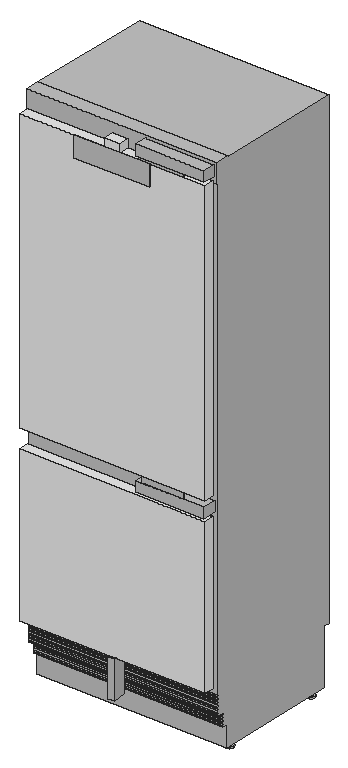
Revit family "FP-Revit18-RS7621WRUK1-FridgeFreezer-0-AS-AU-CN-EU-IE-NZ-SG-UK-90001120A", category Specialty Equipment, Revit 2020 (continued)
Definition of nested family "Handle Contemporary Square - Horizontal"
  Parameters (values of type "AHD3RD7621W - Contemporary square handle (2 of 2) (Horizontal) 646mm")
    URL = "www.fisherpaykel.com"
    Material - Handle = none
    Manufacturer = "Fisher & Paykel Appliances"
    Handle - Length = 646 mm
    Default Elevation = 0 mm
  Types (7, lengths in mm): name | Handle - Length
    (no name) | 646
    AHD3RD2484W - Contemporary square handle (2 of 2) (Horizontal) 494mm | 494
    AHD3RD3084W - Contemporary square handle (2 of 2) (Horizontal) 646mm | 646
    AHD3RS3272A - Contemporary square handle (2 of 2) (Horizontal) 646mm | 646
    AHD3RS80A - Contemporary square handle (2 of 2) (Horizontal) 646mm | 646
    AHD3RD6121W - Contemporary square handle (2 of 2) (Horizontal) 494mm | 494
    AHD3RD7621W - Contemporary square handle (2 of 2) (Horizontal) 646mm | 646
  Reference planes
    plane 1 "Center (Front/Back)": y = 0
    plane 2: z = 0
    plane 3 "Center (Left/Right)": x = 0
    plane 4 "Product LHS": x = -323
    plane 5 "Product RHS": x = 323
    plane 6 "LHS Standoff": x = -202.995
    plane 7 "RHS Standoff": x = 203.005
  Forms (mm)
    Extrusion 1, solid, material <- "Material - Handle", detail levels fine
      sketch origin (0, 0, 0) x (0, 1, 0) y (0, 0, 1)
        loop
          arc (-28.701, 7.561) -> (-29.057, 7.868) -> (-29.514, 7.978) r 1
          line (-29.514, 7.978) -> (-40.5, 7.978)
          arc (-40.5, 7.978) -> (-41.561, 7.539) -> (-42, 6.478) r 1.5
          line (-42, 6.478) -> (-42, -6.522)
          arc (-42, -6.522) -> (-41.561, -7.583) -> (-40.5, -8.022) r 1.5
          line (-40.5, -8.022) -> (-29.487, -8.022)
          arc (-29.487, -8.022) -> (-29.029, -7.911) -> (-28.673, -7.602) r 1
          arc (-28.673, -7.602) -> (-26.256, -0.016) -> (-28.701, 7.561) r 13.038
      from -323 to 323
    Extrusion 2, solid, material <- "Material - Handle", detail levels fine
      sketch origin (0, 0, 0) x (0, 1, 0) y (0, 0, 1)
        loop
          arc (-28.23, 7.062) -> (-26.156, 0.008) -> (-28.198, -7.056) r 13.136
          arc (-28.198, -7.056) -> (-28.21, -7.463) -> (-27.86, -7.67) r 0.4
          line (-27.86, -7.67) -> (0, -7.67) -> (0, 7.678) -> (-27.893, 7.678)
          arc (-27.893, 7.678) -> (-28.244, 7.47) -> (-28.23, 7.062) r 0.4
      from 203.005 to 323
    Extrusion 3, solid, material <- "Material - Handle", detail levels fine
      sketch origin (0, 0, 0) x (0, 1, 0) y (0, 0, -1)
        loop
          arc (-28.23, -7.062) -> (-28.244, -7.47) -> (-27.893, -7.678) r 0.4
          line (-27.893, -7.678) -> (0, -7.678) -> (0, 7.67) -> (-27.86, 7.67)
          arc (-27.86, 7.67) -> (-28.21, 7.463) -> (-28.198, 7.056) r 0.4
          arc (-28.198, 7.056) -> (-26.156, -0.008) -> (-28.23, -7.062) r 13.136
      from 202.995 to 323
    Sweep 4, void
      path in 3D
        loop
          line (323, -29.514, 7.978) -> (323, -40.5, 7.978)
          arc (323, -40.5, 7.978) -> (323, -41.561, 7.539) -> (323, -42, 6.478) r 1.5
          line (323, -42, 6.478) -> (323, -42, -6.522)
          arc (323, -42, -6.522) -> (323, -41.561, -7.583) -> (323, -40.5, -8.022) r 1.5
          line (323, -40.5, -8.022) -> (323, -29.487, -8.022)
      profile origin (323, -35.007, 7.978) x (1, 0, 0) y (0, 0, 1)
        loop
          line (0, 0) -> (-1.3, 0) -> (0, -1.3) -> (0, 0)
    Sweep 5, void
      path in 3D
        loop
          line (-323, -29.487, -8.022) -> (-323, -40.5, -8.022)
          arc (-323, -40.5, -8.022) -> (-323, -41.561, -7.583) -> (-323, -42, -6.522) r 1.5
          line (-323, -42, -6.522) -> (-323, -42, 6.478)
          arc (-323, -42, 6.478) -> (-323, -41.561, 7.539) -> (-323, -40.5, 7.978) r 1.5
          line (-323, -40.5, 7.978) -> (-323, -29.514, 7.978)
      profile origin (-323, -35.007, 7.978) x (-1, 0, 0) y (0, 0, 1)
        loop
          line (0, 0) -> (-1.3, 0) -> (0, -1.3) -> (0, 0)
    Extrusion 6, void
      sketch origin (0, 0, 0) x (1, 0, 0) y (0, 0, 1)
        loop
          line (323, 7.978) -> (321.7, 7.978) -> (323, 6.678) -> (323, 7.978)
        loop
          line (323, -8.022) -> (323, -6.722) -> (321.7, -8.022) -> (323, -8.022)
      from 0 to 40
    Extrusion 7, void
      sketch origin (0, 0, 0) x (1, 0, 0) y (0, 0, 1)
        loop
          line (-323, 7.978) -> (-323, 6.678) -> (-321.7, 7.978) -> (-323, 7.978)
        loop
          line (-323, -8.022) -> (-321.7, -8.022) -> (-323, -6.722) -> (-323, -8.022)
      from 0 to 40
    Extrusion 8, solid, material <- "Material - Handle", detail levels coarse+medium
      sketch origin (0, 0, 0) x (1, 0, 0) y (0, 1, 0)
        loop
          line (-323, -42) -> (323, -42) -> (323, 0) -> (203.005, 0) -> (203.005, -26.156) -> (-202.995, -26.156) -> (-202.995, 0) -> (-323, 0) -> (-323, -42)
      from -8.022 to 7.978
  Cuts and joins
    Sweep 4, Sweep 5, Extrusion 6, Extrusion 7 cuts Extrusion 1
    Extrusion 6 cuts Extrusion 2
    Extrusion 7 cuts Extrusion 3
  Lines and regions (mm)
    sketch lines
      curve 1: line (323, -29.514, 7.978) -> (323, -40.5, 7.978)
      curve 2: arc (323, -42, 6.478) -> (323, -41.561, 7.539) -> (323, -40.5, 7.978) r 1.5
      curve 3: line (323, -42, 6.478) -> (323, -42, -6.522)
      curve 4: arc (323, -40.5, -8.022) -> (323, -41.561, -7.583) -> (323, -42, -6.522) r 1.5
      curve 5: line (323, -40.5, -8.022) -> (323, -29.487, -8.022)
      curve 6: line (-323, -40.5, 7.978) -> (-323, -29.514, 7.978)
      curve 7: arc (-323, -40.5, 7.978) -> (-323, -41.561, 7.539) -> (-323, -42, 6.478) r 1.5
      curve 8: line (-323, -42, -6.522) -> (-323, -42, 6.478)
      curve 9: arc (-323, -42, -6.522) -> (-323, -41.561, -7.583) -> (-323, -40.5, -8.022) r 1.5
      curve 10: line (-323, -29.487, -8.022) -> (-323, -40.5, -8.022)
  Dimensions and locks
    equal spacing: plane 4 "Product LHS", plane 3 "Center (Left/Right)", plane 5 "Product RHS"
    "Handle - Length": plane 4 "Product LHS" to plane 5 "Product RHS"
    locked: plane 4 "Product LHS" to plane 6 "LHS Standoff" at 120.005
    locked: plane 7 "RHS Standoff" to plane 5 "Product RHS" at 119.995
    aligned and locked: level to plane 2
    aligned and locked: Extrusion 1 to plane 5 "Product RHS"
    aligned and locked: plane 4 "Product LHS" to Extrusion 1
    aligned and locked: Extrusion 2 to plane 5 "Product RHS"
    aligned and locked: plane 4 "Product LHS" to Extrusion 3
    aligned and locked: plane 4 "Product LHS" to Extrusion 8 sketch curve
    aligned and locked: Extrusion 8 sketch curve to plane 5 "Product RHS"
    aligned and locked: Extrusion 8 sketch curve to plane 7 "RHS Standoff"
    aligned and locked: plane 6 "LHS Standoff" to Extrusion 8 sketch curve
    aligned and locked: Extrusion 2 to plane 7 "RHS Standoff"
    aligned and locked: plane 6 "LHS Standoff" to Extrusion 3
  Automatic sketch dimensions
    Extrusion 1 sketch curve to level = 6.522 mm
    plane 1 "Center (Front/Back)" to Extrusion 1 sketch curve = 42 mm
    Extrusion 1 sketch curve to Extrusion 1 sketch curve = 1.5 mm  (x2)
    Extrusion 1 sketch curve to level = 0.04 mm
    Extrusion 1 sketch curve to Extrusion 1 sketch curve = 1.206 mm
    level to Extrusion 1 sketch curve = 6.978 mm
    Extrusion 1 sketch curve to Extrusion 1 sketch curve = 10.986 mm
    Extrusion 1 sketch curve to Extrusion 1 sketch curve = 11.013 mm
    Extrusion 1 sketch curve to Extrusion 1 sketch curve = 1 mm
    level to Extrusion 1 sketch curve = 6.478 mm
    Extrusion 1 sketch curve to Extrusion 1 sketch curve = 0 mm
    Extrusion 2 sketch curve to plane 1 "Center (Front/Back)" = 0 mm
    Extrusion 2 sketch curve to level = 7.67 mm
    Extrusion 2 sketch curve to Extrusion 2 sketch curve = 27.86 mm
    level to Extrusion 2 sketch curve = 7.678 mm
    Extrusion 2 sketch curve to Extrusion 2 sketch curve = 0.033 mm
    Extrusion 2 sketch curve to level = 0.022 mm
    Extrusion 2 sketch curve to Extrusion 2 sketch curve = 11.398 mm
    Extrusion 2 sketch curve to Extrusion 2 sketch curve = 0.4 mm  (x2)
    Extrusion 2 sketch curve to Extrusion 2 sketch curve = 0 mm
    Extrusion 3 sketch curve to plane 1 "Center (Front/Back)" = 0 mm
    Extrusion 3 sketch curve to level = 7.67 mm
    Extrusion 3 sketch curve to Extrusion 3 sketch curve = 27.86 mm
    level to Extrusion 3 sketch curve = 7.678 mm
    Extrusion 3 sketch curve to Extrusion 3 sketch curve = 0.033 mm
    Extrusion 3 sketch curve to level = 0.022 mm
    Extrusion 3 sketch curve to Extrusion 3 sketch curve = 11.398 mm
    Extrusion 3 sketch curve to Extrusion 3 sketch curve = 0.4 mm  (x2)
    Extrusion 3 sketch curve to Extrusion 3 sketch curve = 0 mm
    profile plane to Sweep 4 sketch curve = 0 mm
    Sweep 4 sketch curve to profile plane = 0 mm
    Sweep 4 sketch curve to profile plane = 1.3 mm
    profile plane to Sweep 4 sketch curve = 1.3 mm
    Sweep 5 sketch curve to profile plane = 0 mm  (x2)
    profile plane to Sweep 5 sketch curve = 1.3 mm
    Sweep 5 sketch curve to profile plane = 1.3 mm
    plane 5 "Product RHS" to Extrusion 6 sketch curve = 0 mm  (x2)
    Extrusion 6 sketch curve to Extrusion 6 sketch curve = 1.3 mm  (x4)
    Extrusion 6 sketch curve to level = 6.722 mm
    level to Extrusion 6 sketch curve = 6.678 mm
    plane 4 "Product LHS" to Extrusion 7 sketch curve = 0 mm  (x2)
    Extrusion 7 sketch curve to plane 4 "Product LHS" = 1.3 mm  (x2)
    Extrusion 7 sketch curve to level = 8.022 mm
    level to Extrusion 7 sketch curve = 6.678 mm
    Extrusion 7 sketch curve to Extrusion 7 sketch curve = 1.3 mm  (x2)
    plane 1 "Center (Front/Back)" to Extrusion 8 sketch curve = 0 mm  (x2)
    Extrusion 8 sketch curve to Extrusion 8 sketch curve = 26.156 mm
    Extrusion 8 sketch curve to Extrusion 8 sketch curve = 42 mm
Definition of nested family "F&P Handle Kit - Contemporary Square Fine - Horizontal"
  Parameters (values of type "AHD5RD2484W - Contemporary square fine handle (2 of 2) (Horizontal) 494mm")
    URL = "www.fisherpaykel.com"
    Material - Handle = none
    Manufacturer = "Fisher & Paykel Appliances"
    Handle - Length = 494 mm
    Default Elevation = 0 mm
  Types (15, lengths in mm): name | Handle - Length
    (no name) | 494
    AHD5RD2484W - Contemporary square fine handle (2 of 2) (Horizontal) 494mm | 494
    AHD5RD2484WB - Contemporary square fine black handle (2 of 2) (Horizontal) 494mm | 494
    AHD5RD3084W - Contemporary square fine handle (2 of 2) (Horizontal) 646mm | 646
    AHD5RD3084WB - Contemporary square fine black handle (2 of 2) (Horizontal) 646mm | 646
    AHD5RD7621W - Contemporary square fine handle (2 of 2) (Horizontal) 646mm | 646
    AHD5RD7621WB - Contemporary square fine handle black (2 of 2) (Horizontal) 646mm | 646
    AHD5RD6121W - Contemporary square fine handle (2 of 2) (Horizontal) 494mm | 494
    AHD5RD6121WB - Contemporary square fine handle black (2 of 2) (Horizontal) 494mm | 494
    AHD5RD36A - Contemporary square fine handle (2 of 2) (Horizontal) 746mm | 746
    AHD5RD36AB - Contemporary square fine black handle (2 of 2) (Horizontal) 746mm | 746
    AHD5RD90A - Contemporary square fine handle (2 of 2) (Horizontal) 746mm | 746
    AHD5RD80A - Contemporary square fine handle (2 of 2) (Horizontal) 646mm | 646
    AHD5RD80AB - Contemporary square fine black handle (2 of 2) (Horizontal) 646mm | 646
    AHD5RD90AB - Contemporary square fine black handle (2 of 2) (Horizontal) 746mm | 746
  Reference planes
    plane 1 "Center (Front/Back)": y = 0
    plane 2: z = 0
    plane 3 "Center (Left/Right)": x = 0
    plane 4 "Product LHS": x = -247
    plane 5 "Product RHS": x = 247
    plane 6 "LHS Standoff": x = -126.995
    plane 7 "RHS Standoff": x = 127.005
  Forms (mm)
    Extrusion 1, solid, material <- "Material - Handle", detail levels fine
      sketch origin (0, 0, 0) x (0, 1, 0) y (0, 0, 1)
        loop
          arc (-26.813, 6.16) -> (-27.196, 6.554) -> (-27.728, 6.686) r 1
          line (-27.728, 6.686) -> (-40.035, 6.256)
          arc (-40.035, 6.256) -> (-40.719, 5.951) -> (-41, 5.257) r 1
          line (-41, 5.257) -> (-41, -5.257)
          arc (-41, -5.257) -> (-40.719, -5.951) -> (-40.035, -6.256) r 1
          line (-40.035, -6.256) -> (-27.709, -6.686)
          arc (-27.709, -6.686) -> (-27.175, -6.554) -> (-26.792, -6.158) r 1
          arc (-26.792, -6.158) -> (-25.256, 0.004) -> (-26.813, 6.16) r 13.038
      from -247 to 247
    Extrusion 2, solid, material <- "Material - Handle", detail levels fine
      sketch origin (0, 0, 0) x (0, 1, 0) y (0, 0, 1)
        loop
          arc (-26.626, -6.008) -> (-26.614, -6.49) -> (-26.2, -6.737) r 0.5
          line (-26.2, -6.737) -> (0, -7.696) -> (0, 7.704) -> (-26.174, 6.747)
          arc (-26.174, 6.747) -> (-26.587, 6.5) -> (-26.6, 6.019) r 0.5
          arc (-26.6, 6.019) -> (-25.156, 0.002) -> (-26.626, -6.008) r 13.136
      from 127.005 to 247
    Extrusion 3, solid, material <- "Material - Handle", detail levels coarse+medium
      sketch origin (0, 0, 0) x (1, 0, 0) y (0, 1, 0)
        loop
          line (-247, -42) -> (247, -42) -> (247, 0) -> (127.005, 0) -> (127.005, -26.156) -> (-126.995, -26.156) -> (-126.995, 0) -> (-247, 0) -> (-247, -42)
      from -8.022 to 7.978
    Extrusion 4, solid, material <- "Material - Handle", detail levels fine
      sketch origin (0, 0, 0) x (0, 1, 0) y (0, 0, 1)
        loop
          arc (-26.626, -6.008) -> (-26.614, -6.49) -> (-26.2, -6.737) r 0.5
          line (-26.2, -6.737) -> (0, -7.696) -> (0, 7.704) -> (-26.174, 6.747)
          arc (-26.174, 6.747) -> (-26.587, 6.5) -> (-26.6, 6.019) r 0.5
          arc (-26.6, 6.019) -> (-25.156, 0.002) -> (-26.626, -6.008) r 13.136
      from -247 to -126.995
  Dimensions and locks
    equal spacing: plane 4 "Product LHS", plane 3 "Center (Left/Right)", plane 5 "Product RHS"
    "Handle - Length": plane 4 "Product LHS" to plane 5 "Product RHS"
    locked: plane 4 "Product LHS" to plane 6 "LHS Standoff" at 120.005
    locked: plane 7 "RHS Standoff" to plane 5 "Product RHS" at 119.995
    aligned and locked: level to plane 2
    aligned and locked: Extrusion 1 to plane 5 "Product RHS"
    aligned and locked: plane 4 "Product LHS" to Extrusion 1
    aligned and locked: Extrusion 2 to plane 5 "Product RHS"
    aligned and locked: plane 4 "Product LHS" to Extrusion 3 sketch curve
    aligned and locked: Extrusion 3 sketch curve to plane 5 "Product RHS"
    aligned and locked: Extrusion 3 sketch curve to plane 7 "RHS Standoff"
    aligned and locked: plane 6 "LHS Standoff" to Extrusion 3 sketch curve
    aligned and locked: plane 4 "Product LHS" to Extrusion 4
    aligned and locked: plane 6 "LHS Standoff" to Extrusion 4
    aligned and locked: Extrusion 2 to plane 7 "RHS Standoff"
  Automatic sketch dimensions
    Extrusion 1 sketch curve to level = 5.257 mm
    plane 1 "Center (Front/Back)" to Extrusion 1 sketch curve = 41 mm
    level to Extrusion 1 sketch curve = 6.256 mm
    Extrusion 1 sketch curve to Extrusion 1 sketch curve = 0.965 mm  (x2)
    Extrusion 1 sketch curve to level = 6.256 mm
    Extrusion 1 sketch curve to Extrusion 1 sketch curve = 0.035 mm  (x3)
    Extrusion 1 sketch curve to level = 0.018 mm
    Extrusion 1 sketch curve to Extrusion 1 sketch curve = 1.706 mm
    level to Extrusion 1 sketch curve = 6.686 mm
    Extrusion 1 sketch curve to Extrusion 1 sketch curve = 12.307 mm
    Extrusion 1 sketch curve to level = 6.686 mm
    Extrusion 1 sketch curve to Extrusion 1 sketch curve = 12.326 mm
    Extrusion 1 sketch curve to Extrusion 1 sketch curve = 0.999 mm  (x2)
    Extrusion 1 sketch curve to Extrusion 1 sketch curve = 0 mm
    Extrusion 2 sketch curve to plane 1 "Center (Front/Back)" = 0 mm
    level to Extrusion 2 sketch curve = 6.247 mm
    plane 1 "Center (Front/Back)" to Extrusion 2 sketch curve = 26.155 mm
    level to Extrusion 2 sketch curve = 6.747 mm
    Extrusion 2 sketch curve to Extrusion 2 sketch curve = 0.018 mm  (x2)
    Extrusion 2 sketch curve to level = 6.238 mm
    Extrusion 2 sketch curve to Extrusion 2 sketch curve = 0.026 mm
    Extrusion 2 sketch curve to level = 6.737 mm
    level to Extrusion 2 sketch curve = 0.03 mm
    Extrusion 2 sketch curve to Extrusion 2 sketch curve = 12.11 mm
    Extrusion 2 sketch curve to level = 7.696 mm
    level to Extrusion 2 sketch curve = 7.704 mm
    Extrusion 2 sketch curve to Extrusion 2 sketch curve = 0 mm
    plane 1 "Center (Front/Back)" to Extrusion 3 sketch curve = 42 mm
    Extrusion 3 sketch curve to Extrusion 3 sketch curve = 15.844 mm
    Extrusion 3 sketch curve to Extrusion 3 sketch curve = 26.156 mm  (x2)
    level to Extrusion 4 sketch curve = 0.03 mm
    plane 1 "Center (Front/Back)" to Extrusion 4 sketch curve = 38.291 mm
    Extrusion 4 sketch curve to level = 6.737 mm
    Extrusion 4 sketch curve to Extrusion 4 sketch curve = 12.091 mm
    Extrusion 4 sketch curve to Extrusion 4 sketch curve = 0.018 mm  (x2)
    level to Extrusion 4 sketch curve = 6.747 mm
    Extrusion 4 sketch curve to Extrusion 4 sketch curve = 0.008 mm
    level to Extrusion 4 sketch curve = 7.704 mm
    Extrusion 4 sketch curve to Extrusion 4 sketch curve = 26.174 mm
    Extrusion 4 sketch curve to level = 7.696 mm
    Extrusion 4 sketch curve to Extrusion 4 sketch curve = 0.5 mm  (x2)
    Extrusion 4 sketch curve to Extrusion 4 sketch curve = 0 mm
Definition of nested family "Visibility Control Note 18"
  Types (3): name
    New
    Resolved
    Active
  Reference planes
    plane 1: y = 0
    plane 2: x = 0
  Text (mm)
    text "Edit Type: \nTo control handle kit \nand door panel visibility\n options\n\nDelete unwanted kits \nto reduce file size" at (-0.165, 35.556, 0)
